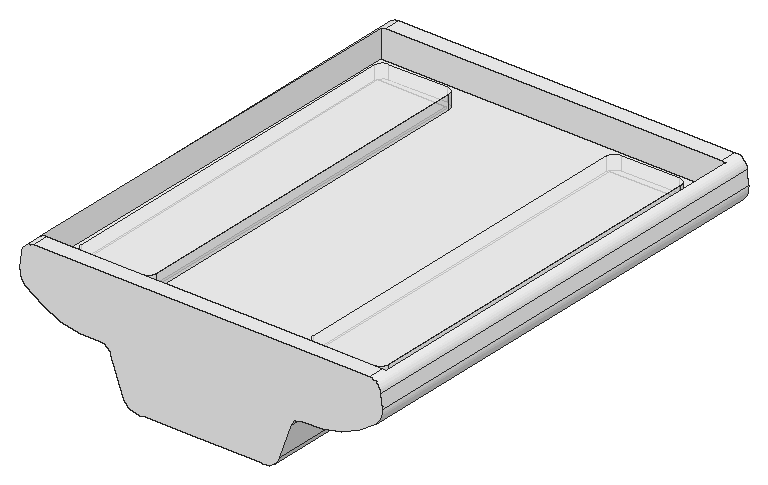
Revit family "PELA-850-L30", category Lighting Fixtures, host Face, Revit 2021
Family settings
  Host = Face
  Round Connector Dimension = Use Diameter
  Part Type = Normal
  OmniClass Number = 23.80.70.11.14.17
  OmniClass Title = Direct/Indirect
  Cut with Voids When Loaded = No
  Light Source = Yes
  Shared = Yes
  Room Calculation Point = No
Parameters (values of type "PELA-850-L30")
  Wattage = 227 W
  Warranty = "5 year limited"  # constant formula
  built-in parameter 1150110 = 1 (stored number, unit not read)
  Voltage Comments = "120-277;347;480"
  Voltage = 120 V
  Version = "2021 V 1.2"  # constant formula
  Type Comments = "Light Fixture"
  built-in parameter 1114217 = 1 (stored number, unit not read)
  Tilt Angle = -90.00°
  built-in parameter 1150109 = 1 (stored number, unit not read)
  built-in parameter 1150134 = 2
  built-in parameter 1150113 = 1 (stored number, unit not read)
  Product Page URL = "https://www.currentlighting.com/indoor-lighting/pela/232365"
  Product Documentation Link = "https://cdn.currentlighting.com/site/specsheet/COL_PELA_SPEC.pdf"
  Power Factor = 1
  Photometry Note = "Please load ies file listed under Photometric Web File for accurate rendering."  # constant formula
  Photometric Web Link = "https://www.currentlighting.com/indoor-lighting/pela/232365"
  Photometric Web File = "PELA-850-L30-B-xxx_120-277V.IES"
  Optical Code = "B"
  Wattage Comments = "49 - 380 W"
  URL = "www.currentlighting.com"
  Mounting = "Please Refer to the Product Spec Sheet for Mounting Options"  # constant formula
  Model = "PELA-850-L30"
  Manufacturer Contact-us = "https://www.currentlighting.com/contact-us"
  Manufacturer Address = "701 Millenium Blvd,Greenville, SC"  # constant formula
  Manufacturer = "Current Lighting"  # constant formula
  built-in parameter 1150105 = 2384.5 (stored number, unit not read)
  Lumens = 29964 lm
  built-in parameter 1150115 = 1 (stored number, unit not read)
  Load Classification = Lighting
  built-in parameter 1150137 = (empty or 0)
  built-in parameter 1150139 = (empty or 0)
  Lens Material Finish = White Glass
  built-in parameter 1150112 = 1 (stored number, unit not read)
  built-in parameter 1150114 = 1 (stored number, unit not read)
  Lamp = "LED"  # constant formula
  Installation and Service URL = "https://cdn.currentlighting.com/site/installationmanuals/COL_PELA_INS.pdf"
  built-in parameter 1150132 = (empty or 0)
  built-in parameter 1150102 = (empty or 0)
  built-in parameter 1150107 = 5000 (stored number, unit not read)
  built-in parameter 1150138 = (empty or 0)
  built-in parameter 1150106 = 23.845 (stored number, unit not read)
  Housing Material = Paint - Matte White
  Features = "Ideal for high bay industrial and commercial buildings\r\nLumen packages from 9,000-48,000\r\nIntegrated emergency battery backup\r\nAvailable with NX Connect integrated controls"
  Emit from Rectangle Width = 13.00"  # constant formula
  Emit from Rectangle Length = 9.00"  # constant formula
  Emit Shape Visible in Rendering = no
  built-in parameter 1150104 = 12.263 (stored number, unit not read)
  Distribution Patterns = "None"
  Dimming Lamp Color Temperature Shift = <None>
  Description = "The PELA is a compact high bay fixture with many options available from high lumen packages to switchable lumens as well as NX Controls."
  Default Elevation = 48.00"
  Copyright = "© 2022 HLI Solutions, Inc."
  Controller = "Please Refer to the Product Spec Sheet for Control Options"  # constant formula
  Color Rendering Index = "80 CRI"
  Color Filter = 16777215
  Brand = "Columbia Lighting"
  built-in parameter 1114218 = 1 (stored number, unit not read)
  Available Finish Options = "Available in Matte White"  # constant formula
  built-in parameter 1150133 = 10 (stored number, unit not read)
  Assembly Code = "D5020200"
  Apparent Load = 227 VA
  Additional Material Finish = Paint - Matte White
Reference planes (in)
  plane 1 "Center (Front/Back)": y = 13.01342
  plane 2: z = 0
  plane 3 "Center (Left/Right)": x = 0
  plane 4: y = 19.89342
  plane 5: y = 6.13342
  plane 6: x = 5.44
  plane 7: x = -5.44
  plane 8: z = 3.46
Forms (in)
  Extrusion 1, solid, material "Paint - Matte White" <- "Housing Material"
    sketch origin (0, 13.01342, 0) x (1, 0, 0) y (0, 0, 1)
      loop
        arc (-5.0235, 3.48382) -> (-5.26607, 3.38949) -> (-5.38119, 3.15607) r 0.35905
        line (-5.38119, 3.15607) -> (-5.41873, 2.72692)
        arc (-5.41873, 2.72692) -> (-5.38324, 2.49361) -> (-5.24469, 2.30257) r 0.5
        arc (-5.24469, 2.30257) -> (-4.19753, 1.71634) -> (-3.0062, 1.57167) r 3.10058
        arc (-3.0062, 1.57167) -> (-2.80868, 1.52032) -> (-2.68358, 1.35908) r 0.31649
        line (-2.68358, 1.35908) -> (-2.33814, 0.35587)
        arc (-2.33814, 0.35587) -> (-2.10135, 0.07414) -> (-1.73678, 0.02382) r 0.51237
        line (-1.73678, 0.02382) -> (0, 0.02382) -> (1.79928, 0.02382)
        arc (1.79928, 0.02382) -> (2.16385, 0.07414) -> (2.40064, 0.35587) r 0.51237
        line (2.40064, 0.35587) -> (2.74608, 1.35908)
        arc (2.74608, 1.35908) -> (2.87118, 1.52032) -> (3.0687, 1.57167) r 0.31649
        arc (3.0687, 1.57167) -> (4.26003, 1.71634) -> (5.30719, 2.30257) r 3.10058
        arc (5.30719, 2.30257) -> (5.44574, 2.49361) -> (5.48123, 2.72692) r 0.5
        line (5.48123, 2.72692) -> (5.44369, 3.15607)
        arc (5.44369, 3.15607) -> (5.32857, 3.38949) -> (5.086, 3.48382) r 0.35905
        line (5.086, 3.48382) -> (-5.0235, 3.48382)
    from -6.88 to 6.88
  Extrusion 2, void
    sketch origin (0, 0, 0) x (1, 0, 0) y (0, 1, 0)
      loop
        line (-5.19, 19.39342) -> (-5.19, 6.63342) -> (5.19, 6.63342) -> (5.19, 19.39342) -> (-5.19, 19.39342)
    from 2.63499 to 3.85781
  Extrusion 3, solid, material "White Glass" <- "Lens Material Finish"
    sketch origin (0, 0, 0) x (1, 0, 0) y (0, 1, 0)
      loop
        arc (-4.36812, 18.69987) -> (-4.5449, 18.62664) -> (-4.61812, 18.44987) r 0.25
        line (-4.61812, 18.44987) -> (-4.61812, 7.44987)
        arc (-4.61812, 7.44987) -> (-4.5449, 7.27309) -> (-4.36812, 7.19987) r 0.25
        line (-4.36812, 7.19987) -> (-2.61812, 7.19987)
        arc (-2.61812, 7.19987) -> (-2.44134, 7.27309) -> (-2.36812, 7.44987) r 0.25
        line (-2.36812, 7.44987) -> (-2.36812, 18.44987)
        arc (-2.36812, 18.44987) -> (-2.44134, 18.62664) -> (-2.61812, 18.69987) r 0.25
        line (-2.61812, 18.69987) -> (-4.36812, 18.69987)
      loop
        line (4.36812, 18.69987) -> (2.61812, 18.69987)
        arc (2.61812, 18.69987) -> (2.44134, 18.62664) -> (2.36812, 18.44987) r 0.25
        line (2.36812, 18.44987) -> (2.36812, 7.44987)
        arc (2.36812, 7.44987) -> (2.44134, 7.27309) -> (2.61812, 7.19987) r 0.25
        line (2.61812, 7.19987) -> (4.36812, 7.19987)
        arc (4.36812, 7.19987) -> (4.5449, 7.27309) -> (4.61812, 7.44987) r 0.25
        line (4.61812, 7.44987) -> (4.61812, 18.44987)
        arc (4.61812, 18.44987) -> (4.5449, 18.62664) -> (4.36812, 18.69987) r 0.25
    from 2.63499 to 3.06657
  Extrusion 4, solid, material "Paint - Matte White" <- "Additional Material Finish"
    sketch origin (0, 0, 0) x (1, 0, 0) y (0, 1, 0)
      loop
        line (-4.50479, 18.44987) -> (-4.50479, 7.44987) -> (-2.48145, 7.44987) -> (-2.48145, 18.44987) -> (-4.50479, 18.44987)
      loop
        line (4.50479, 18.44987) -> (2.48145, 18.44987) -> (2.48145, 7.44987) -> (4.50479, 7.44987) -> (4.50479, 18.44987)
    from 2.63499 to 2.7
Cuts and joins
  Extrusion 2 cuts Extrusion 1
Dimensions and locks (in)
  plane 5 to plane 4 = 13.76"
  plane 7 to plane 6 = 10.88"
  aligned and locked: plane 2 to host face
  aligned and locked: level to host face
  aligned and locked: plane 3 "Center (Left/Right)" to imposter light
  aligned and locked: Extrusion 1 to plane 4
  aligned and locked: plane 5 to Extrusion 1
  aligned and locked: plane 8 to imposter light
Connectors (in)
  electrical at (0.89964, 13.01342, 0.02382), driven by "Power Factor", driven by "Apparent Load", driven by "Voltage", driven by "Load Classification"
    settings: on cut or joined group of Extrusion 1, Extrusion 2, index 1, voltage 120 V, apparent load 227 VA, apparent load phase1 0 VA, apparent load phase2 0 VA, apparent load phase3 0 VA, power factor 1, load classification "Lighting", number of poles 1, system type 30, power factor state 1, is connector primary yes, connector utility no, sub classification motor no, connector description "Light Fixture"
